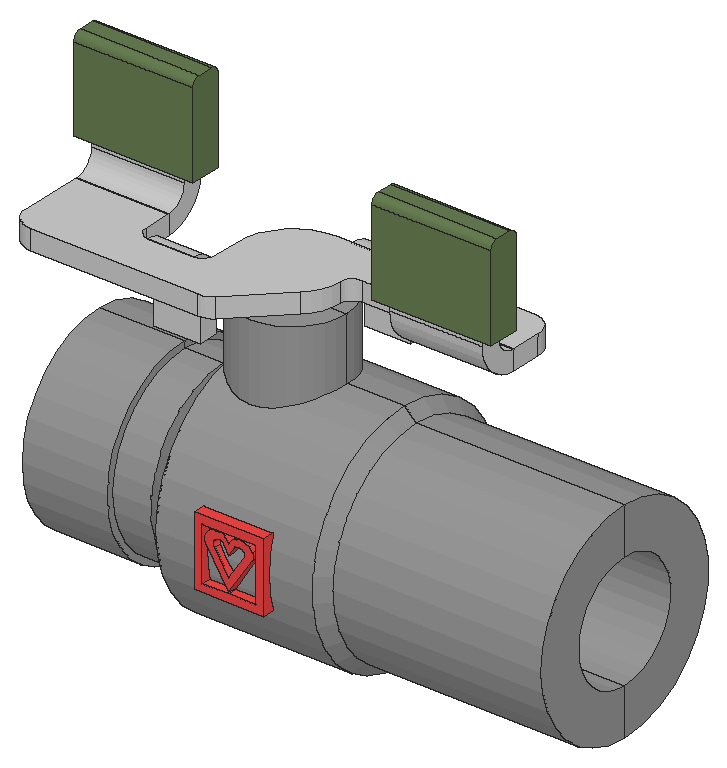
Revit family "Шаровой кран с маховиком бабочка и обратным клапаном 2110", category Rohrzubehör, Revit 2019
Family settings
  Bemaßung runder Anschluss = Durchmesser verwenden
  Teiletyp = Unterbricht
  OmniClass-Nummer = 23.65.55.14
  OmniClass-Titel = Valves for Liquid Services
  Arbeitsebenenbasiert = Nein
  Immer vertikal = Ja
  Beim Laden mit Abzugskörper schneiden = Nein
  Gemeinsam genutzt = Nein
Parameters
  Шпиндель = "латунь в соответствии с EN 12164, CW614N"  # constant formula
  Шар = "штампованная латунь, устойчивая к селективной цинковой коррозии, согласно EN 12165, хромированный полнопроходной шар, CW626N"  # constant formula
  Уплотнение шпинделя = "EPDM"  # constant formula
  Уплотнение шара = "PTFE"  # constant formula
  Среда = "Питьевая вода"  # constant formula
  Рукоятка = "маховик бабочка, цвет - зеленый, оцинкованная сталь"  # constant formula
  Резьба = "согласно  ISO 228"  # constant formula
  Примечание = "В соответствии со статьей 33 Регламента REACH (Registration; Evaluation; Authorisation; Restriction of Chemicals) (EC № 1907/2006) мы обязаны указать, что свинец внесен в список SVHC (Substances of Very High Concern - вещества очень высокой важности) и весовой процент свинца во всех латунных компонентах заводского изготовления в наших изделиях, превышает 0,1 % (w/w) (CAS: 7439-92-1 / EINECS: 231-100-4).\r\nПоскольку свинец является легирующим компонентом сплава, прямое негативное влияние исключается, и поэтому дополнительной информации о безопасном использовании не требуется."
  Область применения = "Шаровой кран с маховиком \"бабочка\" и обратным клапаном применяется в системах питьевого водоснабжения и служит запорным устройством.\r\nКак правило, шаровые краны используются в системах для надежного перекрытия трубопровода.\r\nОбратный клапан гарантирует движение потока только в одном направлении, указанном стрелкой на корпусе крана."
  Номер заказа [instance] = size_lookup("2110_0X_", "Artnr", 0, Nennweite)  # 2211001
  Мин. рабочая температура (вода) = 0.5 °C  # constant formula
  Мин. рабочая температура = -10 °C  # constant formula
  Макс. рабочее давление = 2500000.0 Pa  # constant formula
  Макс. рабочая температура = 85 °C  # constant formula
  Корпус = "штампованная латунь, устойчивая к селективной цинковой коррозии, согласно EN 12165, CW626N"  # constant formula
  W01 = 45.00°  # constant formula
  URL = "www.herz-armaturen.ru"
  SC_NennweiteBerechnet = 0
  SC_Dimension = ""
  SCTWSEQ = "FW;SBT_TYP_FW=\"102\";2"
  SCTWCODE = "04;04;02"  # constant formula
  S04 = 5.000 mm  # constant formula
  S03 [instance] = D04 - 2.000 mm  # 11.500 mm
  S02 [instance] = L01 + 4.500 mm  # 38.500 mm
  S01 [instance] = D04 * 2  # 27.000 mm
  R01 = 7.000 mm  # constant formula
  O-Ring обратного клапана = "силикон"  # constant formula
  Nennweite [instance] = 15.000 mm
  L05 [instance] = size_lookup("2110_0X_", "L5", 1.000 mm, Nennweite)  # 25.000 mm
  L04 [instance] = size_lookup("2110_0X_", "L4", 1.000 mm, Nennweite)  # 27.000 mm
  L03 = 5.000 mm  # constant formula
  L02 [instance] = size_lookup("2110_0X_", "L2", 1.000 mm, Nennweite)  # 11.000 mm
  L01 [instance] = size_lookup("2110_0X_", "L1", 1.000 mm, Nennweite)  # 34.000 mm
  IG [instance] = Nennweite / 2  # 7.500 mm
  Hersteller = "HERZ Armaturen Ges.m.b.H."  # constant formula
  H01 [instance] = size_lookup("2110_0X_", "H1", 1.000 mm, Nennweite)  # 23.000 mm
  Корпус обратного клапана = "POM"  # constant formula
  GT [instance] = size_lookup("2110_0X_", "GT", 1.000 mm, Nennweite)  # 10.000 mm
  DN15-DN20 [instance] = if(Nennweite = 15.000 mm, 42.000 mm, 46.000 mm)  # 42.000 mm
  D04 [instance] = size_lookup("2110_0X_", "D4", 1.000 mm, Nennweite)  # 13.500 mm
  D03 [instance] = size_lookup("2110_0X_", "D3", 1.000 mm, Nennweite)  # 15.000 mm
  D02 [instance] = size_lookup("2110_0X_", "D2", 1.000 mm, Nennweite)  # 11.700 mm
  D01 [instance] = size_lookup("2110_0X_", "D1", 1.000 mm, Nennweite)  # 12.500 mm
Reference planes
  plane 1 "Mitte (Vorne/hinten)": y = 0
  plane 2: z = 0
  plane 3 "Mitte (Links/rechts)": x = 0
Forms (mm)
  Revolve 1, solid, material "Messing, weicher Gelbton, geschweißt", detail levels fine
    sketch origin (0, 0, 0) x (1, 0, 0) y (0, 0, 1)
      loop
        line (-24, 0) -> (24, 0) -> (24, 7.5) -> (34, 7.5) -> (34, 13.5) -> (7, 13.5) -> (5.5, 15) -> (-14.7, 15) -> (-18, 11.7) -> (-23, 11.7) -> (-23, 12.5) -> (-34, 12.5) -> (-34, 7.5) -> (-24, 7.5) -> (-24, 0)
      axis (-34, 0) -> (34, 0)
    angle from 0 to 360
  Revolve 2, solid, material "Messing, weicher Gelbton, geschweißt", detail levels fine
    sketch origin (0, 0, 0) x (1, 0, 0) y (0, 0, 1)
      loop
        line (-5.588, 0) -> (-5.588, 8) -> (-2, 8) -> (-2, 23) -> (-9, 23) -> (-9, 0) -> (-5.588, 0)
      axis (-9, 0) -> (-9, 23)
    angle from 0 to 360
Lines and regions (mm)
  model lines, detail levels coarse+medium
    curve 1: line (-34, 0, 13.5) -> (-34, 0, -13.5)
    curve 2: line (-34, 0, -13.5) -> (4.5, 0, 13.5)
    curve 3: line (4.5, 0, 13.5) -> (4.5, 0, -13.5)
    curve 4: line (4.5, 0, -13.5) -> (-34, 0, 13.5)
    curve 5: circle (-14.75, 0, 0) r 11.5 normal (0, -1, 0)
    curve 6: line (4.5, 0, 13.5) -> (34, 0, -13.5)
    curve 7: line (34, 0, -13.5) -> (34, 0, 13.5)
    curve 8: circle (4.5, 0, 13.5) r 5 normal (0, -1, 0)
    curve 9: line (-34, 13.5, 0) -> (-34, -13.5, 0)
    curve 10: line (-34, -13.5, 0) -> (4.5, 13.5, 0)
    curve 11: line (4.5, 13.5, 0) -> (4.5, -13.5, 0)
    curve 12: line (4.5, -13.5, 0) -> (-34, 13.5, 0)
    curve 13: line (4.5, 13.5, 0) -> (34, -13.5, 0)
    curve 14: line (34, -13.5, 0) -> (34, 13.5, 0)
    curve 15: circle (4.5, 13.5, 0) r 5 normal (0, 0, 1)
    curve 16: circle (-14.75, 0, 0) r 11.5 normal (0, 0, 1)
Dimensions and locks
  "L01": plane 3 "Mitte (Links/rechts)" to Revolve 1 sketch curve
  "L01": Revolve 1 sketch curve to plane 3 "Mitte (Links/rechts)"
  "L02": Revolve 1 sketch curve to Revolve 1 sketch curve
  "L03": Revolve 1 sketch curve to Revolve 1 sketch curve
  "D01": Revolve 1 sketch curve to plane 2
  "D02": Revolve 1 sketch curve to plane 2
  "D03": Revolve 1 sketch curve to plane 2
  "L04": Revolve 1 sketch curve to Revolve 1 sketch curve
  "D04": Revolve 1 sketch curve to plane 2
  "GT": Revolve 1 sketch curve to Revolve 1 sketch curve  (x2)
  "IG": Revolve 1 sketch curve to plane 2  (x2)
  "L05": Revolve 1 to Revolve 2 sketch curve  (x2)
  "H01": Revolve 2 sketch curve to plane 2
  "R01": Revolve 2 sketch curve to Revolve 2 sketch curve
  Revolve 2 sketch curve to plane 2 = 8.000 mm
  equal spacing: Revolve 1, nested 1, Revolve 1
  "D03": nested 1 to plane 1 "Mitte (Vorne/hinten)"
  equal spacing: curve 4, plane 2, curve 2
  "S01": curve 4 to curve 2
  "L01": plane 3 "Mitte (Links/rechts)" to curve 1
  equal spacing: curve 3, plane 2, curve 4
  "S01": curve 4 to curve 3
  "S02": curve 1 to curve 3
  equal spacing: curve 1, curve 5, curve 3
  "S02": curve 1 to curve 8
  "L01": curve 7 to plane 3 "Mitte (Links/rechts)"
  equal spacing: curve 7, plane 2, curve 7
  "S01": curve 7 to curve 7
  equal spacing: curve 10, plane 1 "Mitte (Vorne/hinten)", curve 12
  equal spacing: curve 12, plane 1 "Mitte (Vorne/hinten)", curve 13
  equal spacing: curve 14, plane 1 "Mitte (Vorne/hinten)", curve 14
  "L01": curve 9 to plane 3 "Mitte (Links/rechts)"
  "S02": curve 9 to curve 11
  "S02": curve 9 to curve 15
  "L01": plane 3 "Mitte (Links/rechts)" to curve 14
  "S01": curve 12 to curve 9
  "S01": curve 13 to curve 12
  "S01": curve 14 to curve 14
  equal spacing: curve 9, curve 16, curve 11
  "L05": Revolve 1 to nested 2
  "DN15-DN20": nested 2 to plane 2
  "S03": radius of curve 5
  "S04": radius of curve 8
  "S04": radius of curve 15
  "S03": radius of curve 16
  "W01": angle Revolve 1 sketch curve to Revolve 1 sketch curve  (x2)
  aligned and locked: level to plane 2
Automatic sketch dimensions
  curve 5 to level = 0.000 mm
  curve 8 to curve 2 = 0.000 mm
  plane 1 "Mitte (Vorne/hinten)" to curve 16 = 0.000 mm
  curve 15 to curve 10 = 0.000 mm
  Revolve 1 sketch curve to level = 0.000 mm  (x2)
  Revolve 1 sketch curve to Revolve 1 sketch curve = 1490.843 mm
  Revolve 1 sketch curve to Revolve 1 sketch curve = 1823.461 mm
  Revolve 2 sketch curve to level = 0.000 mm  (x2)
  Revolve 2 sketch curve to Revolve 2 sketch curve = 3.588 mm
  Revolve 2 sketch curve to Revolve 2 sketch curve = 0.000 mm
Nested families
  nested 1: "Herz-Logo-vorne" at (-4.6, -15, 0) x (0, 1, 0) z (0, 0, 1), type "Herz-Logo-vorne", detail levels fine
  nested 2: "Flügelgriff (Grün) DN15-DN20" at (-9, 0, 24), type "Flügelgriff (Grün) DN15-DN20"
Connectors
  piping at (-24, 0, 0), diameter 15, driven by "Nennweite"
    settings: on Revolve 1, index 1, connector inside diameter 609.6 mm, connector length 0.000 mm, flow factor 0, pipe flow 0.0 L/s, pressure drop 0.0 Pa, fitting loss kfactor 0, connector angle 0.00°, fixture units 0, engagement length 0.000 mm, angle of deflection 0.00°, flow configuration 0, flow direction 1, fitting loss method 0, system type 29, joint type 0, gender type 0, connector reference index -1, connector utility 0, adjustable connector no, is connector primary yes, connector description ""
  piping at (24, 0, 0), diameter 15, driven by "Nennweite"
    settings: on Revolve 1, index 2, connector inside diameter 609.6 mm, connector length 0.000 mm, flow factor 0, pipe flow 0.0 L/s, pressure drop 0.0 Pa, fitting loss kfactor 0, connector angle 0.00°, fixture units 0, engagement length 0.000 mm, angle of deflection 0.00°, flow configuration 0, flow direction 2, fitting loss method 0, system type 29, joint type 0, gender type 0, connector reference index -1, connector utility 0, adjustable connector no, is connector primary no, connector description ""
Definition of nested family "Herz-Logo-vorne"
  Reference planes
    plane 1 "Mitte (Vorne/hinten)": y = 0
    plane 2: z = 0
    plane 3 "Mitte (Links/rechts)": x = 0
  Forms (mm)
    Extrusion 1, solid
      sketch origin (0.732, -0.018, 0.017) x (0, -1, 0) y (0, 0, 1)
        loop
          line (-0.018, -4.517) -> (4.482, -4.517) -> (4.482, 4.483) -> (-4.518, 4.483) -> (-4.518, -4.517) -> (-0.018, -4.517)
        loop
          line (-0.05, -3.48) -> (3.482, -3.48) -> (3.482, 3.483) -> (-3.518, 3.483) -> (-3.518, -3.48) -> (-0.05, -3.48)
        loop
          arc (-0.018, 2.383) -> (-1.543, 3.287) -> (-3.067, 2.383) r 1.738
          arc (-3.067, 2.383) -> (-3.191, 1.899) -> (-3.067, 1.415) r 1.009
          line (-3.067, 1.415) -> (-0.018, -3.281) -> (3.032, 1.415)
          arc (3.032, 1.415) -> (3.156, 1.899) -> (3.032, 2.383) r 1.009
          arc (3.032, 2.383) -> (1.507, 3.287) -> (-0.018, 2.383) r 1.738
        loop
          arc (1.885, 1.272) -> (2.005, 1.675) -> (1.885, 2.079) r 0.74
          arc (1.885, 2.079) -> (1.265, 2.416) -> (0.644, 2.079) r 0.74
          line (0.644, 2.079) -> (-0.018, 0.97) -> (-0.679, 2.079)
          arc (-0.679, 2.079) -> (-1.3, 2.416) -> (-1.921, 2.079) r 0.74
          arc (-1.921, 2.079) -> (-2.04, 1.675) -> (-1.921, 1.272) r 0.74
          line (-1.921, 1.272) -> (-0.018, -1.658) -> (1.885, 1.272)
      from 0 to 1.5
  Dimensions and locks
    aligned and locked: level to plane 2
Definition of nested family "Flügelgriff (Grün) DN15-DN20"
  Reference planes
    plane 1 "Mitte (Vorne/hinten)": y = 0
    plane 2: z = 0
    plane 3 "Mitte (Links/rechts)": x = 0
  Forms (mm)
    Extrusion 1, solid, detail levels fine
      sketch origin (0, 0, 0) x (1, 0, 0) y (0, 1, 0)
        loop
          line (-7, 0) -> (-7, -3.8)
          arc (-7, -3.8) -> (-7.439, -4.861) -> (-8.5, -5.3) r 1.5
          line (-8.5, -5.3) -> (-14.5, -5.3)
          arc (-14.5, -5.3) -> (-15.561, -4.861) -> (-16, -3.8) r 1.5
          line (-16, -3.8) -> (-16, 0) -> (-28, 0) -> (-28, -8.1)
          arc (-28, -8.1) -> (-27.121, -10.221) -> (-25, -11.1) r 3
          line (-25, -11.1) -> (-3.453, -11.1)
          arc (-3.453, -11.1) -> (-2.496, -10.91) -> (-1.685, -10.368) r 2.5
          line (-1.685, -10.368) -> (4.443, -4.24)
          arc (4.443, -4.24) -> (5.743, -2.295) -> (6.2, 0) r 6
          arc (6.2, 0) -> (6.64, 1.06) -> (7.7, 1.499) r 1.5
          line (7.7, 1.499) -> (15.1, 1.499)
          arc (15.1, 1.499) -> (16.16, 1.06) -> (16.6, 0) r 1.5
          line (16.6, 0) -> (28.6, 0) -> (28.6, 4)
          arc (28.6, 4) -> (27.721, 6.121) -> (25.6, 7) r 3
          line (25.6, 7) -> (0, 7)
          arc (0, 7) -> (-4.95, 4.95) -> (-7, 0) r 7
      from 0 to 2.5
    Extrusion 2, solid, detail levels fine
      sketch origin (0, 0, 0) x (0, 1, 0) y (0, 0, 1)
        loop
          arc (2.5, 5) -> (1.768, 3.232) -> (0, 2.5) r 2.5
          line (0, 2.5) -> (0, 0)
          arc (0, 0) -> (3.536, 1.464) -> (5, 5) r 5
          line (5, 5) -> (5, 6) -> (2.5, 6) -> (2.5, 5)
      from -28 to -16
    Extrusion 3, solid, detail levels fine
      sketch origin (0, 5.3, 0) x (0, 1, 0) y (0, 0, 1)
        loop
          line (-7.8, 5) -> (-7.8, 6) -> (-10.3, 6) -> (-10.3, 5)
          arc (-10.3, 5) -> (-8.836, 1.464) -> (-5.3, 0) r 5
          line (-5.3, 0) -> (-5.3, 2.5)
          arc (-5.3, 2.5) -> (-7.068, 3.232) -> (-7.8, 5) r 2.5
      from 16.6 to 28.6
    Extrusion 4, solid, detail levels fine
      sketch origin (0, 0, 0) x (0, 1, 0) y (0, 0, 1)
        loop
          line (5.75, 6) -> (5.75, 17.041)
          arc (5.75, 17.041) -> (5.469, 17.719) -> (4.791, 18) r 0.959
          line (4.791, 18) -> (2.773, 18)
          arc (2.773, 18) -> (2.05, 17.7) -> (1.75, 16.977) r 1.023
          line (1.75, 16.977) -> (1.75, 6) -> (5.75, 6)
      from -29.7 to -14.3
    Extrusion 5, solid, detail levels fine
      sketch origin (0, 0, 0) x (0, 1, 0) y (0, 0, 1)
        loop
          line (-5.75, 6) -> (-1.75, 6) -> (-1.75, 17)
          arc (-1.75, 17) -> (-2.043, 17.707) -> (-2.75, 18) r 1
          line (-2.75, 18) -> (-4.75, 18)
          arc (-4.75, 18) -> (-5.457, 17.707) -> (-5.75, 17) r 1
          line (-5.75, 17) -> (-5.75, 6)
      from 30.3 to 14.9
    Extrusion 6, solid, detail levels fine
      sketch origin (0, 0, 0) x (0, 1, 0) y (0, 0, 1)
        loop
          line (9, -2) -> (9, -8) -> (11.5, -8) -> (11.5, -2)
          arc (11.5, -2) -> (10.182, 1.182) -> (7, 2.5) r 4.5
          line (7, 2.5) -> (7, 0)
          arc (7, 0) -> (8.414, -0.586) -> (9, -2) r 2
      from 8.1 to 2.1
    Extrusion 7, solid, detail levels fine
      sketch origin (0, 0, 0) x (0, 1, 0) y (0, 0, 1)
        loop
          line (-4.3, -1) -> (-4.3, -8) -> (-1.8, -8) -> (-1.8, -1)
          arc (-1.8, -1) -> (-2.825, 1.475) -> (-5.3, 2.5) r 3.5
          line (-5.3, 2.5) -> (-5.3, 0)
          arc (-5.3, 0) -> (-4.593, -0.293) -> (-4.3, -1) r 1
      from -14.5 to -8.5
  Dimensions and locks
    aligned and locked: level to plane 2
